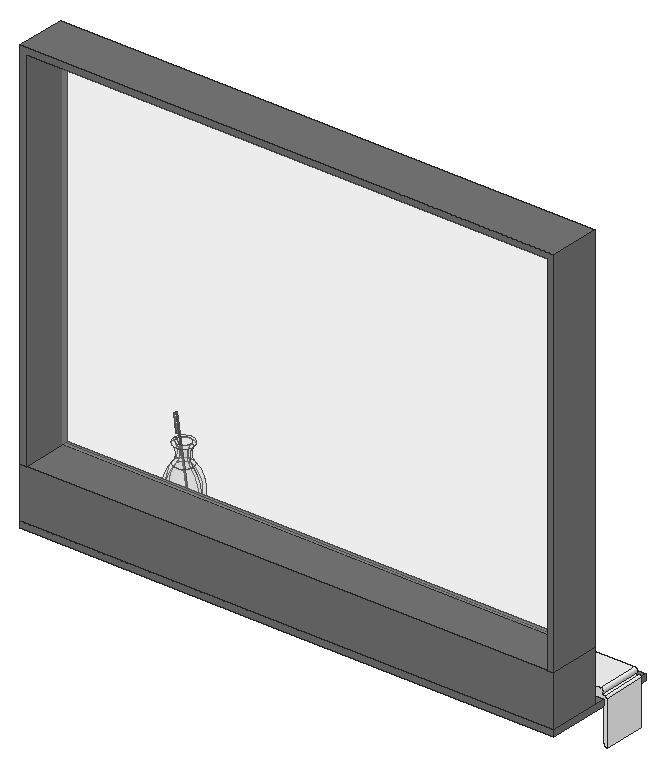
Revit family
Reference planes (in)
  plane 1: y = 0
  plane 2 "Center (Left/Right)": x = 0
  plane 3 "Wall Edge": y = 3
  plane 4 "Wall": y = 3
  plane 5 "Cup": y = 9.75
Forms (in)
  Extrusion 1, solid, material "Glass Woodwork"
    sketch origin (0, 3, 0) x (1, 0, 0) y (0, 0, 1)
      loop
        line (0, 39) -> (20, 39) -> (21, 39) -> (21, 39.5) -> (20, 39.5) -> (-20, 39.5) -> (-21, 39.5) -> (-21, 39) -> (-20, 39) -> (0, 39)
    from -9 to 0
  Extrusion 2, solid, material "Glass Woodwork"
    sketch origin (0, 3, 0) x (1, 0, 0) y (0, 0, 1)
      loop
        line (21, 39.5) -> (21, 43.5) -> (-21, 43.5) -> (-21, 39.5) -> (21, 39.5)
    from -4 to 0
  Extrusion 3, solid, material "Glass Woodwork"
    sketch origin (0, 3, 0) x (1, 0, 0) y (0, 0, 1)
      loop
        line (21, 43.5) -> (21, 73) -> (-21, 73) -> (-21, 43.5) -> (-20.5, 43.5) -> (-20.5, 72.5) -> (20.5, 72.5) -> (20.5, 43.5) -> (21, 43.5)
    from -4 to 0
  Extrusion 4, solid, material "Mirror"
    sketch origin (0, 3, 0) x (1, 0, 0) y (0, 0, 1)
      loop
        line (20.5, 72.5) -> (-20.5, 72.5) -> (-20.5, 43.5) -> (20.5, 43.5) -> (20.5, 72.5)
    from -3.75 to -3.5
  Revolve 5, solid, material "Tooth Brush Cup"
    sketch origin (0, 9.75, 0.1875) x (0, 0, -1) y (-1, 0, 0)
      loop
        line (-39.3125, 13.5) -> (-39.3125, 14.5) -> (-39.65537, 14.5)
        arc (-39.65537, 14.5) -> (-41.36457, 14.91156) -> (-42.99656, 14.25781) r 2.8937
        arc (-42.99656, 14.25781) -> (-43.70096, 14.0048) -> (-44.40537, 14.25781) r 1.10708
        arc (-44.40537, 14.25781) -> (-44.58134, 14.24091) -> (-44.56444, 14.06495) r 0.125
        arc (-44.56444, 14.06495) -> (-43.70096, 13.7548) -> (-42.83749, 14.06495) r 1.35708
        arc (-42.83749, 14.06495) -> (-41.31237, 14.66446) -> (-39.72693, 14.25) r 2.6437
        line (-39.72693, 14.25) -> (-39.65537, 14.25) -> (-39.65537, 13.5) -> (-39.3125, 13.5)
      axis (-39.3125, 13.5) -> (-44.56444, 13.5)
    angle from 0 to 360
  Sweep 6, solid, material "Tooth Brush"
    path in 3D
      loop
        line (-13, 9.75, 39.84287) -> (-14.07576, 9.75, 46.63498)
    profile origin (-13.53788, 9.75, 43.23892) x (0.987688, 0, 0.156434) y (0, 1, 0)
      loop
        line (0, -0.0625) -> (0.0625, -0.0625)
        arc (0.0625, -0.0625) -> (0.09663, 0) -> (0.0625, 0.0625) r 0.07429
        line (0.0625, 0.0625) -> (0, 0.0625) -> (0, -0.0625)
  Sweep 7, solid, material "Tooth Brush Threads"
    path in 3D
      loop
        line (-13.84111, 9.75, 45.15344) -> (-14.05332, 9.75, 46.49326)
    profile origin (-13.94722, 9.75, 45.82335) x (0.987688, 0, 0.156434) y (0, 1, 0)
      loop
        line (0, 0) -> (0, 0.0555) -> (-0.25, 0.0555) -> (-0.20444, 0.0292) -> (-0.25, 0.0292) -> (-0.20936, 0.00573) -> (-0.25, 0.00573) -> (-0.20978, -0.01749) -> (-0.25, -0.01749) -> (-0.21149, -0.03973) -> (-0.25, -0.04445) -> (-0.21151, -0.05846) -> (0, -0.05846) -> (0, 0)
  Extrusion 8, solid, material "Vanity Towel"
    sketch origin (0, 9.75, 0) x (0, 0, -1) y (-1, 0, 0)
      loop
        line (-39.5, -21) -> (-39.5, -15.5)
        arc (-39.5, -15.5) -> (-39.875, -15.125) -> (-40.25, -15.5) r 0.375
        line (-40.25, -15.5) -> (-40.25, -20.75)
        arc (-40.25, -20.75) -> (-40.03385, -20.96615) -> (-39.8177, -20.75) r 0.21615
        line (-39.8177, -20.75) -> (-39.8177, -15.56371)
        arc (-39.8177, -15.56371) -> (-39.79616, -15.54445) -> (-39.77942, -15.568) r 0.01938
        line (-39.77942, -15.568) -> (-39.79523, -15.63772) -> (-39.79523, -21.1016)
        arc (-39.79523, -21.1016) -> (-39.74131, -21.20376) -> (-39.63855, -21.25652) r 0.19207
        line (-39.63855, -21.25652) -> (-36.13366, -21.25652)
        arc (-36.13366, -21.25652) -> (-36.27639, -21.0705) -> (-36.5, -21) r 0.38985
        line (-36.5, -21) -> (-39.5, -21)
    from -1.82581 to 1.48376
Lines and regions (in)
  reference lines
    curve 1: line (-13, 9.75, 39.84287) -> (-14.07576, 9.75, 46.63498)
  sketch lines
    curve 2: line (-13, 9.75, 39.84287) -> (-14.07576, 9.75, 46.63498)
    curve 3: line (-13.84111, 9.75, 45.15344) -> (-14.05332, 9.75, 46.49326)
Text (in)
  text "Placement Side" at (0, 40.15149, 123.01588), in view "Right"
  text "Placement Side" at (-70.3804, 28.46503, 0), in view "Ref. Level"
  text "Placement Side" at (0, 81.62555, 140.59947), in view "Left"
Dimensions and locks (in)
  locked: plane 3 "Wall Edge" to host wall
